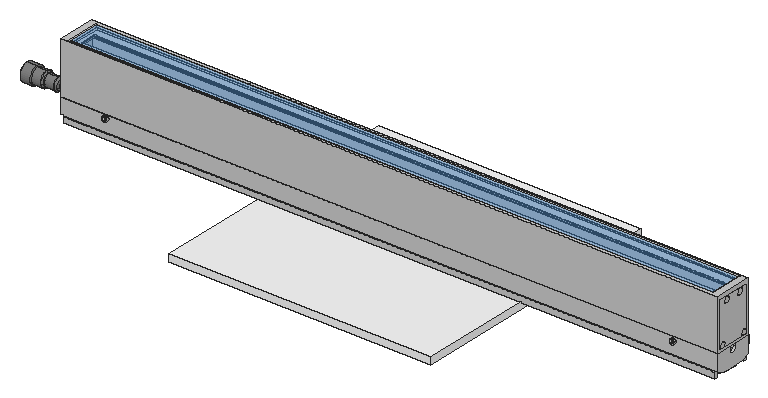
Revit family "BE_77155_de_DE", category Leuchten, Revit 2015
Parameters (values of type "BEGA_77155_Silber_K4")
  built-in parameter 1150104 = 13.686 (stored number, unit not read)
  Wattage = 33.6 W
  Default Elevation = 0 mm
  built-in parameter 1150113 = 1 (stored number, unit not read)
  built-in parameter 1114218 = 1 (stored number, unit not read)
  Umgebungstemperatur = ""
  URL = "http://www.bega.de/produkt/77155"
  Typenkommentare = "© 2017 BEGA. Wir behalten uns das Recht vor, technische Änderungen ohne vorherige Ankündigung vorzunehmen."  # constant formula
  Type Image = 77155.png
  built-in parameter 1150134 = 12
  built-in parameter 1150109 = 1 (stored number, unit not read)
  Strom = ""
  built-in parameter 1150110 = 1 (stored number, unit not read)
  Spannung = 239.996 V
  Sonderanfertigung = no
  Seriennummer [instance] = "Hier können Sie die eindeutige Seriennummer für das Facility Management eintragen."
  Schutzklasse = "I"
  Schutzart = "IP 65"
  Scheinlast = 0 VA
  Produktdatenblatt = "http://www.bega.de/download/Xrfa/db/77155.db.de.pdf"
  Oberflächentemperatur = ""
  Neigungswinkel = 0.00°
  Modell = "77155A"
  Material_18 = BEGA_Gummi_schwarz
  Material_17 = BEGA_Reflektor
  Material_15 = BEGA_Leuchtmedium_matt
  Material_11 = BEGA_Glas_opal
  Material_10 = BEGA_Glas_matt
  Material_09 = BEGA_Glas_klar
  Material_06 = BEGA_Oberfläche_Edelstahl_gebürstet
  Material_04 = BEGA_Kunststoff_Grafit_matt
  Material_03 = BEGA_Oberfläche_Weiss_matt
  Material_02 = BEGA_Oberfläche_Silber_matt
  Material_01 [instance] = BEGA_Oberfläche_Grafit_matt
  M_W = no
  M_G = no
  M_A = yes
  Logo = 0
  built-in parameter 1114217 = 1 (stored number, unit not read)
  built-in parameter 1150139 = (empty or 0)
  built-in parameter 1150105 = 393.9 (stored number, unit not read)
  built-in parameter 1150114 = 1 (stored number, unit not read)
  Lumens = 4949.95 lm
  built-in parameter 1150115 = 1 (stored number, unit not read)
  Leuchtenlichtstrom = "2565 lm"
  Leuchtenanzahl = ""
  Lebensdauerkriterien = "L70 = 50.000 h"
  Lastklassifizierung = Beleuchtung
  built-in parameter 1150112 = 1 (stored number, unit not read)
  Lampenlichtstrom = "4950 lm"
  Lampe = "LED 33.6 W"
  LED_Modulbezeichnung = "2x LED-0612/840"
  built-in parameter 1150142 = (empty or 0)
  Hersteller = "BEGA"  # constant formula
  Halbstreuwinkel = ""
  Gewicht = "5.5 kg"
  Gebrauchslageneinschränkung [instance] = ""
  Frequenz = "0/50-60 Hz"
  Farbwiedergabeindex = "Ra > 80"
  Farbtemperaturverschiebung bei Dämpfen der Lampe = <Keine Auswahl>
  Farbtemperatur = "4000 K"
  Color Filter = 16777215
  built-in parameter 1150133 = 10 (stored number, unit not read)
  Energieeffizienzklasse = "LED A++ - A"
  built-in parameter 1150137 = (empty or 0)
  built-in parameter 1150132 = (empty or 0)
  ENEC = ""
  Dimmbar [instance] = "DALI"
  Datei für fotometrisches Netz = "BE_77155.IES"
  CE_Konformität = "ja"
  Bestellnummer = "77155A"
  Beschreibung_Sonderanfertigung = "Hier können Sie Informationen zur Sonderanfertigung eintragen."
  Beschreibung = "Fassadenscheinwerfer"
  built-in parameter 1150106 = 3.939 (stored number, unit not read)
  Befestigungsbohrung = "Ø 7 mm"
  Befestigungsabstand = "880 mm"
  Ballwurfsicher = ""
  BEGA_Intern_aus = yes
  BEGA_Intern_an = yes
  BEGA_Intern_Konstruktion = yes
  BEGA_Intern = yes
  BEGA_IES = yes
  BEGA_Dummy = no
  Anschlussleitung = "0.5 m X05BQ-F 5 G 1²"
  Anschlussleistung [instance] = "38 W"
  Anschlusskasten = ""
  built-in parameter 1150107 = 4000 (stored number, unit not read)
  built-in parameter 1150102 = (empty or 0)
  built-in parameter 1150138 = (empty or 0)
  Aktualisierung = "2017-01-26T04:13:31"
  Abstand_zur_angestrahlten_Fläche [instance] = ""
  AC/DC = "AC/DC"
Types (4, lengths in mm): name | built-in parameter 1150104 | built-in parameter 1150134 | Modell | M_G | M_A | built-in parameter 1150105 | Lumens | Leuchtenlichtstrom | Lampenlichtstrom | LED_Modulbezeichnung | Farbtemperatur | Datei für fotometrisches Netz | Bestellnummer | built-in parameter 1150106 | built-in parameter 1150107
  BEGA_77155_Grafit_K4 | 13.686 (stored number, unit not read) | 12 | "77155" | yes | no | 393.9 (stored number, unit not read) | 4949.95 lm | "2565 lm" | "4950 lm" | "2x LED-0612/840" | "4000 K" | "BE_77155.IES" | "77155" | 3.939 (stored number, unit not read) | 4000 (stored number, unit not read)
  BEGA_77155_Silber_K4 | 13.686 (stored number, unit not read) | 12 | "77155A" | no | yes | 393.9 (stored number, unit not read) | 4949.95 lm | "2565 lm" | "4950 lm" | "2x LED-0612/840" | "4000 K" | "BE_77155.IES" | "77155A" | 3.939 (stored number, unit not read) | 4000 (stored number, unit not read)
  BEGA_77155_Silber_K3 | 12.525 (stored number, unit not read) | (empty or 0) | "77155AK3" | no | yes | 360.48 (stored number, unit not read) | 4529.95 lm | "2347 lm" | "4530 lm" | "2x LED-0612/830" | "3000 K" | "BE_77155K3.IES" | "77155AK3" | 3.6048 (stored number, unit not read) | 3000 (stored number, unit not read)
  BEGA_77155_Grafit_K3 | 1252.5 (stored number, unit not read) | (empty or 0) | "77155K3" | yes | no | 36048.2 (stored number, unit not read) | 452995.2 lm | "2347 lm" | "4530 lm" | "2x LED-0612/830" | "3000 K" | "BE_77155K3.IES" | "77155K3" | 360.48 (stored number, unit not read) | 3000 (stored number, unit not read)
Reference planes
  plane 1 "Mitte (Vorne/Hinten)": y = 0
  plane 2: z = 0
  plane 3 "Mitte (Links/Rechts)": x = 0
  plane 4 "Links": x = -500
  plane 5 "Rechts": x = 500
  plane 6 "Unten": y = -29
  plane 7 "Oben": y = 29
  plane 8 "Vorne": z = 113.3
  plane 9 "Hinten": z = 0
Forms (mm)
  Extrusion 1, solid, material "BEGA_Platte_Weiss"
    sketch origin (0, -1119.2, 0) x (1, 0, 0) y (0, 1, 0)
      loop
        line (-200, 1319.2) -> (-200, 919.2) -> (200, 919.2) -> (200, 1319.2) -> (-200, 1319.2)
    from 0 to -10
  Extrusion 2, solid, material "BEGA_Dummy_matt", visible <- "BEGA_Dummy"
    sketch origin (80.095, -76.023, 0) x (1, 0, 0) y (0, 1, 0)
      loop
        line (-580.095, 105.023) -> (-580.095, 47.023) -> (419.905, 47.023) -> (419.905, 105.023) -> (-580.095, 105.023)
    from 0 to 113.3
Dimensions and locks
  plane 1 "Mitte (Vorne/Hinten)" to Extrusion 1 = 200 mm
  aligned and locked: plane 2 to Extrusion 1
  aligned and locked: level to Extrusion 1
Nested families
  nested 1: "BE_77155_Scheinwerfer" at (0, 0, 0), type "BE_77155_Scheinwerfer"
Connectors
  electrical at (0, 0, 0), driven by "Lastklassifizierung", driven by "Spannung", driven by "Scheinlast"
    settings: index 1, voltage 239.996 V, apparent load 0 VA, apparent load phase1 0 VA, apparent load phase2 0 VA, apparent load phase3 0 VA, power factor 1, load classification "Beleuchtung", number of poles 1, system type 31, power factor state 1, is connector primary yes, connector utility no, sub classification motor no, connector description ""
Definition of nested family "BE_77155_Scheinwerfer"
  Parameters (values of type "BE_77155_Scheinwerfer")
    Default Elevation = 1 mm
    URL = "http://www.bega.de/de/produkt"
    Type Comments = "© 2015 BEGA. Wir behalten uns das Recht vor, technische Änderungen ohne vorherige Ankündigung vorzunehmen. "  # constant formula
    Type Image = (empty or 0)
    Material_18 = none
    Material_17 = none
    Material_15 = none
    Material_11 = none
    Material_10 = none
    Material_09 = none
    Material_06 = none
    Material_04 = none
    Material_03 = none
    Material_02 = none
    Material_01 = none
    M_W = yes
    M_G = yes
    M_A = yes
    Länge_Platte = 1200 mm  # constant formula
    Höhe_Platte = -10 mm  # constant formula
    Manufacturer = "BEGA"  # constant formula
    Breite_Platte = 200 mm  # constant formula
  Reference planes
    plane 1 "Mitte (Oben/Unten)": y = 0
    plane 2: z = 0
    plane 3 "Mitte (Links/Rechts)": x = 0
    plane 4: z = 113.3
    plane 5: y = -29
    plane 6: y = 29
    plane 7: x = -581.9
    plane 8: x = 500
  Forms (mm)
    Extrusion 1, solid, detail levels medium
      sketch origin (0, 0, 0) x (1, 0, 0) y (0, 1, 0)
        loop
          line (-600, 100) -> (-600, -100) -> (600, -100) -> (600, 100) -> (-600, 100)
      from 0 to -10 <- "Höhe_Platte"
    Extrusion 2, solid, material <- "Material_01", visible <- "M_G", detail levels medium+fine
      sketch origin (0, 0, 0) x (0, 1, 0) y (0, 0, 1)
        loop
          line (-29, 0) -> (-26.3, 0) -> (-26.3, 4.91)
          arc (-26.3, 4.91) -> (-26.086, 5.32) -> (-25.627, 5.379) r 0.5
          arc (-25.627, 5.379) -> (-17.92, 3.003) -> (-10, 1.479) r 74
          line (-10, 1.479) -> (-10, 0.2) -> (10, 0.2) -> (10, 1.482)
          arc (10, 1.482) -> (17.921, 3.006) -> (25.629, 5.383) r 73.998
          arc (25.629, 5.383) -> (26.086, 5.326) -> (26.299, 4.918) r 0.497
          line (26.299, 4.918) -> (26.299, 0) -> (29, 0) -> (29, 8.899)
          arc (29, 8.899) -> (28.775, 9.317) -> (28.302, 9.358) r 0.5
          arc (28.302, 9.358) -> (0, 3.5) -> (-28.301, 9.358) r 71.3
          arc (-28.301, 9.358) -> (-28.774, 9.317) -> (-29, 8.899) r 0.5
          line (-29, 8.899) -> (-29, 0)
      from -496 to 496
    Extrusion 3, solid, material <- "Material_01", visible <- "M_G", detail levels medium+fine
      sketch origin (0, 0, 0) x (0, 1, 0) y (0, 0, 1)
        loop
          arc (-29, 9.993) -> (0, 3.8) -> (29, 9.993) r 71
          line (29, 9.993) -> (29, 34.8) -> (25.401, 34.8) -> (25.401, 12.395)
          arc (25.401, 12.395) -> (0, 7.696) -> (-25.401, 12.395) r 71
          line (-25.401, 12.395) -> (-25.401, 34.8) -> (-29, 34.8) -> (-29, 9.993)
      from -496 to 496
    Sweep 4, solid, material <- "Material_01", visible <- "M_G", detail levels medium+fine
      path origin (0, 0, 0) x (1, 0, 0) y (0, 1, 0)
        loop
          line (-500, 29) -> (-500, -29) -> (500, -29) -> (500, 29) -> (-500, 29)
      profile origin (-500, 0, 0) x (1, 0, 0) y (0, 0, 1)
        loop
          line (0, 113.3) -> (0, 34.8) -> (11, 34.8) -> (11, 40.679) -> (3.5, 40.679) -> (3.5, 103.406) -> (17.035, 103.406)
          arc (17.035, 103.406) -> (17.719, 103.711) -> (18, 104.406) r 1
          line (18, 104.406) -> (18, 105.896)
          arc (18, 105.896) -> (17.713, 106.596) -> (17.017, 106.895) r 1
          line (17.017, 106.895) -> (11.125, 106.895) -> (8.794, 113.3) -> (0, 113.3)
    Extrusion 5, void
      sketch origin (239, 0, 0) x (1, 0, 0) y (0, 0, 1)
        loop
          line (261, 37.756) -> (261, 107.746) -> (258.218, 107.746) -> (258.218, 37.756) -> (261, 37.756)
      from -26.267 to 26.244
    Extrusion 6, solid, material <- "Material_01", visible <- "M_G", detail levels medium+fine
      sketch origin (239, 0, 0) x (1, 0, 0) y (0, 0, 1)
        loop
          line (261, 106.748) -> (258.218, 106.748) -> (258.218, 38.353) -> (261, 38.353) -> (261, 106.748)
      from -25.5 to 25.5
    Extrusion 7, solid, material <- "Material_01", visible <- "M_G", detail levels medium+fine
      sketch origin (0, 0, 0) x (0, 1, 0) y (0, 0, 1)
        loop
          line (-29, 34.8) -> (-29, 9.993)
          arc (-29, 9.993) -> (0, 3.8) -> (29, 9.993) r 71
          line (29, 9.993) -> (29, 34.8) -> (6, 34.8) -> (6, 29.8)
          arc (6, 29.8) -> (0, 23.8) -> (-6, 29.8) r 6
          line (-6, 29.8) -> (-6, 34.8) -> (-29, 34.8)
      from 496 to 500
    Extrusion 8, solid, material <- "Material_01", visible <- "M_G", detail levels medium+fine
      sketch origin (-239, 0, 0) x (0, 1, 0) y (0, 0, -1)
        loop
          line (-29, -34.8) -> (-6, -34.8) -> (-6, -29.8)
          arc (-6, -29.8) -> (0, -23.8) -> (6, -29.8) r 6
          line (6, -29.8) -> (6, -34.8) -> (29, -34.8) -> (29, -10.487)
          arc (29, -10.487) -> (0, -4.294) -> (-29, -10.487) r 71
          line (-29, -10.487) -> (-29, -34.8)
      from 257 to 261
    Extrusion 9, void
      sketch origin (0, 0, 0) x (1, 0, 0) y (0, 1, 0)
        loop
          circle (0, 0) r 7.5
        loop
          circle (-440, 0) r 3.5
        loop
          circle (440, 0) r 3.5
      from 0 to 10
    Revolve 10, solid, material <- "Material_01", visible <- "M_G", detail levels medium+fine
      sketch origin (-432, 0, 0) x (0, 1, 0) y (0, 0, 1)
        loop
          line (-31.453, 32.75) -> (-31.453, 31.8) -> (-27.5, 31.8) -> (-27.5, 32.75) -> (-31.453, 32.75)
        axis (-31.453, 28.8) -> (-27.5, 28.8)
      angle from 0 to 360
    Revolve 11, solid, material <- "Material_01", visible <- "M_G", detail levels medium+fine
      sketch origin (432, 0, 0) x (0, 1, 0) y (0, 0, -1)
        loop
          line (-31.453, -32.75) -> (-27.5, -32.75) -> (-27.5, -31.8) -> (-31.453, -31.8) -> (-31.453, -32.75)
        axis (-31.453, -28.8) -> (-27.5, -28.8)
      angle from 0 to 360
    Revolve 12, solid, material <- "Material_06", detail levels fine
      sketch origin (-432, 0, 0) x (0, 1, 0) y (0, 0, 1)
        loop
          line (-30.053, 31.8) -> (-30.053, 28.8) -> (-26.193, 28.8) -> (-26.193, 31.8) -> (-30.053, 31.8)
        axis (-30.053, 28.8) -> (-26.193, 28.8)
      angle from 0 to 360
    Revolve 13, solid, material <- "Material_06", detail levels fine
      sketch origin (432, 0, 0) x (0, 1, 0) y (0, 0, -1)
        loop
          line (-30.053, -31.8) -> (-26.193, -31.8) -> (-26.193, -28.8) -> (-30.053, -28.8) -> (-30.053, -31.8)
        axis (-30.053, -28.8) -> (-26.193, -28.8)
      angle from 0 to 360
    Revolve 14, solid, material <- "Material_04", detail levels medium+fine
      sketch origin (-239, 0, 0) x (1, 0, 0) y (0, 0, 1)
        loop
          line (-320.8, 43.3) -> (-335.5, 43.3) -> (-336.7, 42.1) -> (-336.7, 32.8) -> (-342.9, 32.8) -> (-342.9, 29.8) -> (-260.5, 29.8) -> (-260.5, 34.15) -> (-284, 34.15) -> (-284, 37.8) -> (-287, 39.3) -> (-288, 39.3)
          arc (-288, 39.3) -> (-288.146, 38.947) -> (-288.5, 38.8) r 0.5
          line (-288.5, 38.8) -> (-302.464, 38.8)
          arc (-302.464, 38.8) -> (-303.418, 38.99) -> (-304.228, 39.528) r 2.5
          line (-304.228, 39.528) -> (-305.707, 41.008)
          arc (-305.707, 41.008) -> (-306.032, 41.224) -> (-306.414, 41.3) r 1
          line (-306.414, 41.3) -> (-320, 41.3) -> (-320, 39.8) -> (-320.8, 39.8) -> (-320.8, 43.3)
        axis (-342.9, 29.8) -> (-260.5, 29.8)
      angle from 0 to 360
    Revolve 15, void
      sketch origin (239, -12.5, -0.101) x (1, 0, 0) y (0, 0, 1)
        loop
          line (261.225, 106.482) -> (258.494, 103.752) -> (258.494, 101.902) -> (261.225, 101.902) -> (261.225, 106.482)
        axis (258.494, 101.902) -> (261.225, 101.902)
      angle from 0 to 360
    Revolve 16, void
      sketch origin (239, 12.5, -0.101) x (1, 0, 0) y (0, 0, -1)
        loop
          line (261.225, -106.482) -> (261.225, -101.902) -> (258.494, -101.902) -> (258.494, -103.752) -> (261.225, -106.482)
        axis (258.494, -101.902) -> (261.225, -101.902)
      angle from 0 to 360
    Revolve 17, void
      sketch origin (239, -20.5, -58.602) x (1, 0, 0) y (0, 0, 1)
        loop
          line (261.225, 106.482) -> (258.494, 103.752) -> (258.494, 101.902) -> (261.225, 101.902) -> (261.225, 106.482)
        axis (258.494, 101.902) -> (261.225, 101.902)
      angle from 0 to 360
    Revolve 18, void
      sketch origin (239, 20.5, -58.602) x (1, 0, 0) y (0, 0, -1)
        loop
          line (261.225, -106.482) -> (261.225, -101.902) -> (258.494, -101.902) -> (258.494, -103.752) -> (261.225, -106.482)
        axis (258.494, -101.902) -> (261.225, -101.902)
      angle from 0 to 360
    Extrusion 19, solid, material <- "Material_06", detail levels fine
      sketch origin (239.494, 0, 0) x (0, 1, 0) y (0, 0, 1)
        loop
          circle (-12.5, 101.8) r 4.009
        loop
          circle (12.5, 101.8) r 4.009
        loop
          circle (-20.5, 43.3) r 4.009
        loop
          circle (20.5, 43.3) r 4.009
      from 259.244 to 260.506
    Extrusion 20, solid, material <- "Material_10", detail levels medium+fine
      sketch origin (0, 0, 0) x (1, 0, 0) y (0, 0, 1)
        loop
          line (-489.25, 113) -> (-489.25, 109) -> (489.25, 109) -> (489.25, 113) -> (-489.25, 113)
      from -25 to 25
    Sweep 21, void
      path origin (0, 0, 0) x (1, 0, 0) y (0, 1, 0)
        loop
          line (493.606, 29) -> (-493.606, 29) -> (-493.606, -29) -> (493.606, -29) -> (493.606, 29)
      profile origin (0, 29, 0) x (0, -1, 0) y (0, 0, 1)
        loop
          line (12.06, 106.895) -> (9.517, 113.881) -> (2.237, 113.881) -> (4.779, 106.895) -> (12.06, 106.895)
    Extrusion 22, solid, material <- "Material_02", visible <- "M_A", detail levels medium+fine
      sketch origin (0, 0, 0) x (0, 1, 0) y (0, 0, 1)
        loop
          line (-29, 0) -> (-26.3, 0) -> (-26.3, 4.91)
          arc (-26.3, 4.91) -> (-26.086, 5.32) -> (-25.627, 5.379) r 0.5
          arc (-25.627, 5.379) -> (-17.92, 3.003) -> (-10, 1.479) r 74
          line (-10, 1.479) -> (-10, 0.2) -> (10, 0.2) -> (10, 1.482)
          arc (10, 1.482) -> (17.921, 3.006) -> (25.629, 5.383) r 73.998
          arc (25.629, 5.383) -> (26.086, 5.326) -> (26.299, 4.918) r 0.497
          line (26.299, 4.918) -> (26.299, 0) -> (29, 0) -> (29, 8.899)
          arc (29, 8.899) -> (28.775, 9.317) -> (28.302, 9.358) r 0.5
          arc (28.302, 9.358) -> (0, 3.5) -> (-28.301, 9.358) r 71.3
          arc (-28.301, 9.358) -> (-28.774, 9.317) -> (-29, 8.899) r 0.5
          line (-29, 8.899) -> (-29, 0)
      from -496 to 496
    Extrusion 23, solid, material <- "Material_02", visible <- "M_A", detail levels medium+fine
      sketch origin (0, 0, 0) x (0, 1, 0) y (0, 0, 1)
        loop
          arc (-29, 9.993) -> (0, 3.8) -> (29, 9.993) r 71
          line (29, 9.993) -> (29, 34.8) -> (25.401, 34.8) -> (25.401, 12.395)
          arc (25.401, 12.395) -> (0, 7.696) -> (-25.401, 12.395) r 71
          line (-25.401, 12.395) -> (-25.401, 34.8) -> (-29, 34.8) -> (-29, 9.993)
      from -496 to 496
    Extrusion 24, solid, material <- "Material_02", visible <- "M_A", detail levels medium+fine
      sketch origin (0, 0, 0) x (0, 1, 0) y (0, 0, 1)
        loop
          line (-29, 34.8) -> (-29, 9.993)
          arc (-29, 9.993) -> (0, 3.8) -> (29, 9.993) r 71
          line (29, 9.993) -> (29, 34.8) -> (6, 34.8) -> (6, 29.8)
          arc (6, 29.8) -> (0, 23.8) -> (-6, 29.8) r 6
          line (-6, 29.8) -> (-6, 34.8) -> (-29, 34.8)
      from 496 to 500
    Extrusion 25, solid, material <- "Material_02", visible <- "M_A", detail levels medium+fine
      sketch origin (-239, 0, 0) x (0, 1, 0) y (0, 0, -1)
        loop
          line (-29, -34.8) -> (-6, -34.8) -> (-6, -29.8)
          arc (-6, -29.8) -> (0, -23.8) -> (6, -29.8) r 6
          line (6, -29.8) -> (6, -34.8) -> (29, -34.8) -> (29, -10.487)
          arc (29, -10.487) -> (0, -4.294) -> (-29, -10.487) r 71
          line (-29, -10.487) -> (-29, -34.8)
      from 257 to 261
    Revolve 26, solid, material <- "Material_02", visible <- "M_A", detail levels medium+fine
      sketch origin (-432, 0, 0) x (0, 1, 0) y (0, 0, 1)
        loop
          line (-31.453, 32.75) -> (-31.453, 31.8) -> (-27.5, 31.8) -> (-27.5, 32.75) -> (-31.453, 32.75)
        axis (-31.453, 28.8) -> (-27.5, 28.8)
      angle from 0 to 360
    Revolve 27, solid, material <- "Material_02", visible <- "M_A", detail levels medium+fine
      sketch origin (432, 0, 0) x (0, 1, 0) y (0, 0, -1)
        loop
          line (-31.453, -32.75) -> (-27.5, -32.75) -> (-27.5, -31.8) -> (-31.453, -31.8) -> (-31.453, -32.75)
        axis (-31.453, -28.8) -> (-27.5, -28.8)
      angle from 0 to 360
    Sweep 28, solid, material <- "Material_02", visible <- "M_A", detail levels medium+fine
      path origin (0, 0, 0) x (1, 0, 0) y (0, 1, 0)
        loop
          line (-500, 29) -> (-500, -29) -> (500, -29) -> (500, 29) -> (-500, 29)
      profile origin (-500, 0, 0) x (1, 0, 0) y (0, 0, 1)
        loop
          line (0, 113.3) -> (0, 34.8) -> (11, 34.8) -> (11, 40.679) -> (3.5, 40.679) -> (3.5, 103.406) -> (17.035, 103.406)
          arc (17.035, 103.406) -> (17.719, 103.711) -> (18, 104.406) r 1
          line (18, 104.406) -> (18, 105.896)
          arc (18, 105.896) -> (17.713, 106.596) -> (17.017, 106.895) r 1
          line (17.017, 106.895) -> (11.125, 106.895) -> (8.794, 113.3) -> (0, 113.3)
    Extrusion 29, solid, material <- "Material_02", visible <- "M_A", detail levels medium+fine
      sketch origin (239.281, 0, 0) x (1, 0, 0) y (0, 0, 1)
        loop
          line (260.719, 106.748) -> (257.938, 106.748) -> (257.938, 38.353) -> (260.719, 38.353) -> (260.719, 106.748)
      from -25.5 to 25.5
  Cuts and joins
    Extrusion 5, Sweep 21 cuts Sweep 4
    Extrusion 9 cuts Extrusion 3
    Extrusion 9 cuts Extrusion 7
    Extrusion 9 cuts Extrusion 8
    joined: Extrusion 3, Extrusion 7, Extrusion 8, Revolve 10, Revolve 11
    Extrusion 9 cuts Extrusion 2
    Revolve 15, Revolve 16, Revolve 17, Revolve 18 cuts Extrusion 6
    Extrusion 9 cuts Extrusion 22
    joined: Extrusion 23, Extrusion 24, Extrusion 25, Revolve 26, Revolve 27
    Extrusion 5, Revolve 16, Sweep 21 cuts Sweep 28
    Revolve 15, Revolve 16, Revolve 17, Revolve 18 cuts Extrusion 29
  Dimensions and locks
    equal spacing: Extrusion 1 sketch curve, plane 3 "Mitte (Links/Rechts)", Extrusion 1 sketch curve
    equal spacing: Extrusion 1 sketch curve, plane 1 "Mitte (Oben/Unten)", Extrusion 1 sketch curve
    "Länge_Platte": Extrusion 1 sketch curve to Extrusion 1 sketch curve
    "Breite_Platte": Extrusion 1 sketch curve to Extrusion 1 sketch curve
    aligned and locked: Extrusion 1 to plane 2
    aligned and locked: level to Extrusion 1
  Automatic sketch dimensions
    Extrusion 2 sketch curve to Extrusion 2 sketch curve = 0 mm  (x5)
    Extrusion 2 sketch curve to level = 0 mm  (x2)
    level to Extrusion 2 sketch curve = 8.899 mm
    plane 1 "Mitte (Oben/Unten)" to Extrusion 2 sketch curve = 29 mm
    Extrusion 2 sketch curve to Extrusion 2 sketch curve = 0.5 mm  (x2)
    Extrusion 2 sketch curve to Extrusion 2 sketch curve = 2.7 mm
    level to Extrusion 2 sketch curve = 0.2 mm
    plane 1 "Mitte (Oben/Unten)" to Extrusion 2 sketch curve = 10 mm
    Extrusion 2 sketch curve to plane 1 "Mitte (Oben/Unten)" = 0 mm  (x2)
    Extrusion 2 sketch curve to plane 1 "Mitte (Oben/Unten)" = 10 mm
    level to Extrusion 2 sketch curve = 4.918 mm
    Extrusion 2 sketch curve to Extrusion 2 sketch curve = 15.802 mm
    Extrusion 2 sketch curve to Extrusion 2 sketch curve = 0.497 mm
    Extrusion 2 sketch curve to Extrusion 2 sketch curve = 2.201 mm
    Extrusion 2 sketch curve to Extrusion 2 sketch curve = 2.701 mm
    Extrusion 2 sketch curve to Extrusion 2 sketch curve = 1.279 mm
    Extrusion 2 sketch curve to Extrusion 2 sketch curve = 1.282 mm
    Extrusion 2 sketch curve to Extrusion 2 sketch curve = 3.989 mm
    Extrusion 2 sketch curve to Extrusion 2 sketch curve = 3.981 mm
    Extrusion 2 sketch curve to Extrusion 2 sketch curve = 65.901 mm
    Extrusion 2 sketch curve to Extrusion 2 sketch curve = 0.002 mm
    Extrusion 2 sketch curve to Extrusion 2 sketch curve = 0.198 mm  (x2)
    Extrusion 3 sketch curve to plane 1 "Mitte (Oben/Unten)" = 0 mm  (x2)
    plane 1 "Mitte (Oben/Unten)" to Extrusion 3 sketch curve = 25.401 mm
    Extrusion 3 sketch curve to Extrusion 3 sketch curve = 3.599 mm  (x2)
    level to Extrusion 3 sketch curve = 12.395 mm
    Extrusion 3 sketch curve to plane 1 "Mitte (Oben/Unten)" = 25.401 mm
    Extrusion 3 sketch curve to Extrusion 3 sketch curve = 2.402 mm
    Extrusion 3 sketch curve to Extrusion 3 sketch curve = 22.405 mm  (x2)
    Extrusion 3 sketch curve to Extrusion 3 sketch curve = 40 mm
    Extrusion 3 sketch curve to Extrusion 3 sketch curve = 3.895 mm
    profile plane to Sweep 4 sketch curve = 0 mm
    Sweep 4 sketch curve to profile plane = 3.5 mm
    Sweep 4 sketch curve to profile plane = 8.794 mm
    Sweep 4 sketch curve to Sweep 4 sketch curve = 7.5 mm
    Sweep 4 sketch curve to Sweep 4 sketch curve = 2.331 mm
    Sweep 4 sketch curve to Sweep 4 sketch curve = 5.875 mm
    Sweep 4 sketch curve to Sweep 4 sketch curve = 0 mm
    Sweep 4 sketch curve to Sweep 4 sketch curve = 0.017 mm
    Sweep 4 sketch curve to Sweep 4 sketch curve = 0.035 mm
    Sweep 4 sketch curve to Sweep 4 sketch curve = 1 mm
    level to Sweep 4 sketch curve = 34.8 mm
    Sweep 4 sketch curve to Sweep 4 sketch curve = 5.878 mm
    Sweep 4 sketch curve to Sweep 4 sketch curve = 62.728 mm
    Sweep 4 sketch curve to Sweep 4 sketch curve = 1.49 mm
    Sweep 4 sketch curve to Sweep 4 sketch curve = 9.894 mm
    level to Extrusion 5 sketch curve = 37.756 mm
    plane 3 "Mitte (Links/Rechts)" to Extrusion 5 sketch curve = 497.218 mm
    Extrusion 5 sketch curve to Extrusion 5 sketch curve = 2.782 mm
    Extrusion 5 sketch curve to Extrusion 5 sketch curve = 69.99 mm
    level to Extrusion 6 sketch curve = 38.353 mm
    plane 3 "Mitte (Links/Rechts)" to Extrusion 6 sketch curve = 497.218 mm
    Extrusion 6 sketch curve to Extrusion 6 sketch curve = 2.782 mm
    Extrusion 6 sketch curve to Extrusion 6 sketch curve = 68.395 mm
    Extrusion 7 sketch curve to plane 1 "Mitte (Oben/Unten)" = 0 mm  (x2)
    plane 1 "Mitte (Oben/Unten)" to Extrusion 7 sketch curve = 6 mm
    Extrusion 7 sketch curve to Extrusion 7 sketch curve = 23 mm
    level to Extrusion 7 sketch curve = 9.993 mm
    Extrusion 7 sketch curve to plane 1 "Mitte (Oben/Unten)" = 29 mm
    level to Extrusion 7 sketch curve = 29.8 mm
    Extrusion 7 sketch curve to Extrusion 7 sketch curve = 5 mm  (x2)
    Extrusion 7 sketch curve to Extrusion 7 sketch curve = 40 mm
    Extrusion 8 sketch curve to plane 1 "Mitte (Oben/Unten)" = 0 mm  (x2)
    plane 1 "Mitte (Oben/Unten)" to Extrusion 8 sketch curve = 6 mm
    Extrusion 8 sketch curve to Extrusion 8 sketch curve = 23 mm
    level to Extrusion 8 sketch curve = 10.487 mm
    Extrusion 8 sketch curve to plane 1 "Mitte (Oben/Unten)" = 29 mm
    level to Extrusion 8 sketch curve = 29.8 mm
    Extrusion 8 sketch curve to Extrusion 8 sketch curve = 5 mm  (x2)
    Extrusion 8 sketch curve to Extrusion 8 sketch curve = 40.494 mm
    plane 1 "Mitte (Oben/Unten)" to Revolve 10 sketch curve = 31.453 mm
    Revolve 10 sketch curve to Revolve 10 sketch curve = 3.953 mm
    level to Revolve 10 sketch curve = 31.8 mm
    Revolve 10 sketch curve to Revolve 10 sketch curve = 0.95 mm
    Revolve 10 sketch curve to Revolve 10 sketch curve = 0.641 mm
    Revolve 10 sketch curve to Revolve 10 sketch curve = 2.294 mm
    Revolve 10 sketch curve to Revolve 10 sketch curve = 3 mm
    plane 1 "Mitte (Oben/Unten)" to Revolve 11 sketch curve = 31.453 mm
    Revolve 11 sketch curve to Revolve 11 sketch curve = 3.953 mm
    level to Revolve 11 sketch curve = 32.75 mm
    Revolve 11 sketch curve to Revolve 11 sketch curve = 0.95 mm
    Revolve 11 sketch curve to Revolve 11 sketch curve = 0.641 mm
    Revolve 11 sketch curve to Revolve 11 sketch curve = 2.294 mm
    Revolve 11 sketch curve to Revolve 11 sketch curve = 3 mm
    plane 1 "Mitte (Oben/Unten)" to Revolve 12 sketch curve = 30.053 mm
    Revolve 12 sketch curve to Revolve 12 sketch curve = 3.861 mm
    level to Revolve 12 sketch curve = 28.8 mm
    Revolve 12 sketch curve to Revolve 12 sketch curve = 3 mm
    Revolve 12 sketch curve to Revolve 12 sketch curve = 1.053 mm
    Revolve 12 sketch curve to Revolve 12 sketch curve = 1.25 mm
    Revolve 12 sketch curve to Revolve 12 sketch curve = 0 mm
    plane 1 "Mitte (Oben/Unten)" to Revolve 13 sketch curve = 30.053 mm
    Revolve 13 sketch curve to Revolve 13 sketch curve = 3.861 mm
    level to Revolve 13 sketch curve = 31.8 mm
    Revolve 13 sketch curve to Revolve 13 sketch curve = 3 mm
    Revolve 13 sketch curve to Revolve 13 sketch curve = 1.053 mm
    Revolve 13 sketch curve to Revolve 13 sketch curve = 1.25 mm
    Revolve 13 sketch curve to Revolve 13 sketch curve = 0 mm
    level to Revolve 14 sketch curve = 29.8 mm
    Revolve 14 sketch curve to plane 3 "Mitte (Links/Rechts)" = 581.9 mm
    level to Revolve 14 sketch curve = 42.1 mm
    Revolve 14 sketch curve to Revolve 14 sketch curve = 6.2 mm
    level to Revolve 14 sketch curve = 43.3 mm
    Revolve 14 sketch curve to Revolve 14 sketch curve = 1.2 mm
    Revolve 14 sketch curve to Revolve 14 sketch curve = 14.7 mm
    Revolve 14 sketch curve to Revolve 14 sketch curve = 0.8 mm
    Revolve 14 sketch curve to Revolve 14 sketch curve = 13.586 mm
    level to Revolve 14 sketch curve = 39.528 mm
    Revolve 14 sketch curve to Revolve 14 sketch curve = 2.187 mm
    Revolve 14 sketch curve to Revolve 14 sketch curve = 1.763 mm
    Revolve 14 sketch curve to Revolve 14 sketch curve = 13.964 mm
    Revolve 14 sketch curve to Revolve 14 sketch curve = 0.5 mm
    Revolve 14 sketch curve to Revolve 14 sketch curve = 1 mm  (x2)
    level to Revolve 14 sketch curve = 37.8 mm
    Revolve 14 sketch curve to Revolve 14 sketch curve = 3 mm  (x2)
    Revolve 14 sketch curve to Revolve 14 sketch curve = 23.5 mm
    Revolve 14 sketch curve to Revolve 14 sketch curve = 4.35 mm
    Revolve 14 sketch curve to Revolve 14 sketch curve = 3.5 mm
    Revolve 14 sketch curve to Revolve 14 sketch curve = 0.772 mm
    Revolve 14 sketch curve to Revolve 14 sketch curve = 1.5 mm
    Revolve 14 sketch curve to Revolve 14 sketch curve = 0.707 mm
    level to Revolve 14 sketch curve = 41.008 mm
    Revolve 14 sketch curve to Revolve 14 sketch curve = 0 mm
    Revolve 14 sketch curve to Revolve 14 sketch curve = 3.702 mm
    Revolve 14 sketch curve to Revolve 14 sketch curve = 7.729 mm
    Revolve 14 sketch curve to Revolve 14 sketch curve = 9 mm
    level to Revolve 15 sketch curve = 101.8 mm
    plane 3 "Mitte (Links/Rechts)" to Revolve 15 sketch curve = 497.494 mm
    Revolve 15 sketch curve to Revolve 15 sketch curve = 2.731 mm  (x2)
    Revolve 15 sketch curve to Revolve 15 sketch curve = 1.85 mm
    Revolve 15 sketch curve to Revolve 15 sketch curve = 0 mm  (x2)
    Revolve 15 sketch curve to Revolve 15 sketch curve = 1.225 mm
    level to Revolve 16 sketch curve = 101.8 mm
    plane 3 "Mitte (Links/Rechts)" to Revolve 16 sketch curve = 497.494 mm
    Revolve 16 sketch curve to Revolve 16 sketch curve = 2.731 mm  (x2)
    Revolve 16 sketch curve to Revolve 16 sketch curve = 1.85 mm
    Revolve 16 sketch curve to Revolve 16 sketch curve = 0 mm  (x2)
    Revolve 16 sketch curve to Revolve 16 sketch curve = 1.225 mm
    level to Revolve 17 sketch curve = 43.3 mm
    plane 3 "Mitte (Links/Rechts)" to Revolve 17 sketch curve = 497.494 mm
    Revolve 17 sketch curve to Revolve 17 sketch curve = 2.731 mm  (x2)
    Revolve 17 sketch curve to Revolve 17 sketch curve = 1.85 mm
    Revolve 17 sketch curve to Revolve 17 sketch curve = 0 mm  (x2)
    Revolve 17 sketch curve to Revolve 17 sketch curve = 1.225 mm
    level to Revolve 18 sketch curve = 43.3 mm
    plane 3 "Mitte (Links/Rechts)" to Revolve 18 sketch curve = 497.494 mm
    Revolve 18 sketch curve to Revolve 18 sketch curve = 2.731 mm  (x2)
    Revolve 18 sketch curve to Revolve 18 sketch curve = 1.85 mm
    Revolve 18 sketch curve to Revolve 18 sketch curve = 0 mm  (x2)
    Revolve 18 sketch curve to Revolve 18 sketch curve = 1.225 mm
    plane 1 "Mitte (Oben/Unten)" to Extrusion 19 sketch curve = 20.5 mm
    plane 1 "Mitte (Oben/Unten)" to Extrusion 19 sketch curve = 12.5 mm
    Extrusion 19 sketch curve to plane 1 "Mitte (Oben/Unten)" = 12.5 mm
    Extrusion 19 sketch curve to plane 1 "Mitte (Oben/Unten)" = 20.5 mm
    level to Extrusion 19 sketch curve = 43.3 mm
    Extrusion 19 sketch curve to Extrusion 19 sketch curve = 0 mm  (x2)
    Extrusion 19 sketch curve to Extrusion 19 sketch curve = 58.5 mm
    level to Extrusion 20 sketch curve = 109 mm
    Extrusion 20 sketch curve to plane 3 "Mitte (Links/Rechts)" = 489.25 mm
    plane 3 "Mitte (Links/Rechts)" to Extrusion 20 sketch curve = 489.25 mm
    Extrusion 20 sketch curve to Extrusion 20 sketch curve = 4 mm
    Sweep 21 sketch curve to profile plane = 2.237 mm
    Sweep 21 sketch curve to profile plane = 4.779 mm
    Sweep 21 sketch curve to Sweep 21 sketch curve = 7.28 mm  (x2)
    level to Sweep 21 sketch curve = 106.895 mm
    Sweep 21 sketch curve to Sweep 21 sketch curve = 6.985 mm
    Extrusion 22 sketch curve to Extrusion 22 sketch curve = 0 mm  (x5)
    Extrusion 22 sketch curve to level = 0 mm  (x2)
    level to Extrusion 22 sketch curve = 8.899 mm
    plane 1 "Mitte (Oben/Unten)" to Extrusion 22 sketch curve = 29 mm
    Extrusion 22 sketch curve to Extrusion 22 sketch curve = 0.5 mm  (x2)
    Extrusion 22 sketch curve to Extrusion 22 sketch curve = 2.7 mm
    level to Extrusion 22 sketch curve = 0.2 mm
    plane 1 "Mitte (Oben/Unten)" to Extrusion 22 sketch curve = 10 mm
    Extrusion 22 sketch curve to plane 1 "Mitte (Oben/Unten)" = 0 mm  (x2)
    Extrusion 22 sketch curve to plane 1 "Mitte (Oben/Unten)" = 10 mm
    level to Extrusion 22 sketch curve = 4.918 mm
    Extrusion 22 sketch curve to Extrusion 22 sketch curve = 15.802 mm
    Extrusion 22 sketch curve to Extrusion 22 sketch curve = 0.497 mm
    Extrusion 22 sketch curve to Extrusion 22 sketch curve = 2.201 mm
    Extrusion 22 sketch curve to Extrusion 22 sketch curve = 2.701 mm
    Extrusion 22 sketch curve to Extrusion 22 sketch curve = 1.279 mm
    Extrusion 22 sketch curve to Extrusion 22 sketch curve = 1.282 mm
    Extrusion 22 sketch curve to Extrusion 22 sketch curve = 3.989 mm
    Extrusion 22 sketch curve to Extrusion 22 sketch curve = 3.981 mm
    Extrusion 22 sketch curve to Extrusion 22 sketch curve = 65.901 mm
    Extrusion 22 sketch curve to Extrusion 22 sketch curve = 0.002 mm
    Extrusion 22 sketch curve to Extrusion 22 sketch curve = 0.198 mm  (x2)
    Extrusion 23 sketch curve to plane 1 "Mitte (Oben/Unten)" = 0 mm  (x2)
    plane 1 "Mitte (Oben/Unten)" to Extrusion 23 sketch curve = 25.401 mm
    Extrusion 23 sketch curve to Extrusion 23 sketch curve = 3.599 mm  (x2)
    level to Extrusion 23 sketch curve = 12.395 mm
    Extrusion 23 sketch curve to plane 1 "Mitte (Oben/Unten)" = 25.401 mm
    Extrusion 23 sketch curve to Extrusion 23 sketch curve = 2.402 mm
    Extrusion 23 sketch curve to Extrusion 23 sketch curve = 22.405 mm  (x2)
    Extrusion 23 sketch curve to Extrusion 23 sketch curve = 40 mm
    Extrusion 23 sketch curve to Extrusion 23 sketch curve = 3.895 mm
    Extrusion 24 sketch curve to plane 1 "Mitte (Oben/Unten)" = 0 mm  (x2)
    plane 1 "Mitte (Oben/Unten)" to Extrusion 24 sketch curve = 6 mm
    Extrusion 24 sketch curve to Extrusion 24 sketch curve = 23 mm
    level to Extrusion 24 sketch curve = 9.993 mm
    Extrusion 24 sketch curve to plane 1 "Mitte (Oben/Unten)" = 29 mm
    level to Extrusion 24 sketch curve = 29.8 mm
    Extrusion 24 sketch curve to Extrusion 24 sketch curve = 5 mm  (x2)
    Extrusion 24 sketch curve to Extrusion 24 sketch curve = 40 mm
    Extrusion 25 sketch curve to plane 1 "Mitte (Oben/Unten)" = 0 mm  (x2)
    plane 1 "Mitte (Oben/Unten)" to Extrusion 25 sketch curve = 6 mm
    Extrusion 25 sketch curve to Extrusion 25 sketch curve = 23 mm
    level to Extrusion 25 sketch curve = 10.487 mm
    Extrusion 25 sketch curve to plane 1 "Mitte (Oben/Unten)" = 29 mm
    level to Extrusion 25 sketch curve = 29.8 mm
    Extrusion 25 sketch curve to Extrusion 25 sketch curve = 5 mm  (x2)
    Extrusion 25 sketch curve to Extrusion 25 sketch curve = 40.494 mm
    plane 1 "Mitte (Oben/Unten)" to Revolve 26 sketch curve = 31.453 mm
    Revolve 26 sketch curve to Revolve 26 sketch curve = 3.953 mm
    level to Revolve 26 sketch curve = 31.8 mm
    Revolve 26 sketch curve to Revolve 26 sketch curve = 0.95 mm
    Revolve 26 sketch curve to Revolve 26 sketch curve = 0.641 mm
    Revolve 26 sketch curve to Revolve 26 sketch curve = 2.294 mm
    Revolve 26 sketch curve to Revolve 26 sketch curve = 3 mm
    plane 1 "Mitte (Oben/Unten)" to Revolve 27 sketch curve = 31.453 mm
    Revolve 27 sketch curve to Revolve 27 sketch curve = 3.953 mm
    level to Revolve 27 sketch curve = 32.75 mm
    Revolve 27 sketch curve to Revolve 27 sketch curve = 0.95 mm
    Revolve 27 sketch curve to Revolve 27 sketch curve = 0.641 mm
    Revolve 27 sketch curve to Revolve 27 sketch curve = 2.294 mm
    Revolve 27 sketch curve to Revolve 27 sketch curve = 3 mm
    profile plane to Sweep 28 sketch curve = 0 mm
    Sweep 28 sketch curve to profile plane = 3.5 mm
    Sweep 28 sketch curve to profile plane = 8.794 mm
    Sweep 28 sketch curve to Sweep 28 sketch curve = 7.5 mm
    Sweep 28 sketch curve to Sweep 28 sketch curve = 2.331 mm
    Sweep 28 sketch curve to Sweep 28 sketch curve = 5.875 mm
    Sweep 28 sketch curve to Sweep 28 sketch curve = 0 mm
    Sweep 28 sketch curve to Sweep 28 sketch curve = 0.017 mm
    Sweep 28 sketch curve to Sweep 28 sketch curve = 0.035 mm
    Sweep 28 sketch curve to Sweep 28 sketch curve = 1 mm
    level to Sweep 28 sketch curve = 34.8 mm
    Sweep 28 sketch curve to Sweep 28 sketch curve = 5.878 mm
    Sweep 28 sketch curve to Sweep 28 sketch curve = 62.728 mm
    Sweep 28 sketch curve to Sweep 28 sketch curve = 1.49 mm
    Sweep 28 sketch curve to Sweep 28 sketch curve = 9.894 mm
    level to Extrusion 29 sketch curve = 38.353 mm
    plane 3 "Mitte (Links/Rechts)" to Extrusion 29 sketch curve = 497.218 mm
    Extrusion 29 sketch curve to Extrusion 29 sketch curve = 2.782 mm
    Extrusion 29 sketch curve to Extrusion 29 sketch curve = 68.395 mm
    Sweep 28 sketch curve to plane 5 = 0 mm
    Sweep 28 sketch curve to plane 6 = 0 mm
    Sweep 4 sketch curve to plane 5 = 0 mm
    Sweep 4 sketch curve to plane 6 = 0 mm
    Sweep 21 sketch curve to plane 6 = 0 mm
    Sweep 21 sketch curve to plane 5 = 0 mm
    Extrusion 9 sketch curve to plane 1 "Mitte (Oben/Unten)" = 0 mm
    plane 1 "Mitte (Oben/Unten)" to Extrusion 9 sketch curve = 0 mm  (x2)
    Extrusion 9 sketch curve to plane 3 "Mitte (Links/Rechts)" = 0 mm
    Sweep 4 sketch curve to plane 3 "Mitte (Links/Rechts)" = 500 mm
    Extrusion 9 sketch curve to Extrusion 9 sketch curve = 440 mm
    Sweep 21 sketch curve to plane 3 "Mitte (Links/Rechts)" = 493.606 mm
    Sweep 28 sketch curve to plane 3 "Mitte (Links/Rechts)" = 500 mm
    plane 3 "Mitte (Links/Rechts)" to Sweep 4 sketch curve = 500 mm
    plane 3 "Mitte (Links/Rechts)" to Extrusion 9 sketch curve = 440 mm
    plane 3 "Mitte (Links/Rechts)" to Sweep 21 sketch curve = 493.606 mm
    plane 3 "Mitte (Links/Rechts)" to Sweep 28 sketch curve = 500 mm
    radius of Extrusion 19 sketch curve = 4.009 mm  (x4)
    radius of Extrusion 9 sketch curve = 7.5 mm
    radius of Extrusion 9 sketch curve = 3.5 mm  (x2)
